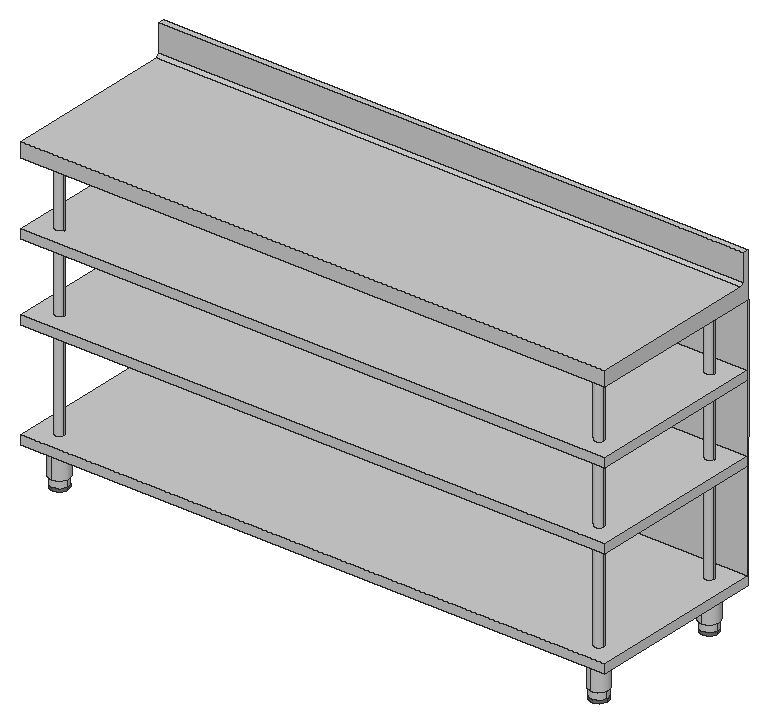
Revit family "QF_INFRICO_ME602000_250818014511", category Specialty Equipment, Revit 2021
Family settings
  Round Connector Dimension = Use Diameter
  Part Type = Normal
  OmniClass Number = 23.40.40.14
  OmniClass Title = Food Service Equipment
  Work Plane-Based = No
  Always vertical = Yes
  Cut with Voids When Loaded = No
  Shared = No
  Room Calculation Point = No
Parameters (values of type "ME602000")
  Weight [instance] = 98.00 kg
  Warranty Start Date [instance] = ""
  Warranty Duration [instance] = ""
  URL Recommended Spares List [instance] = ""
  URL Manufacturer [instance] = ""
  URL Cutsheet [instance] = ""
  URL Critical Spares List [instance] = ""
  URL = "www.infrico.com"
  Technical Documentation [instance] = ""
  Tag Number [instance] = ""
  Status [instance] = ""
  Specification by User [instance] = ""
  Specification by Manufacturer [instance] = ""
  Sound Level [instance] = ""
  Show Logo [instance] = yes
  Show Clearances [instance] = yes
  Service Life Duration [instance] = ""
  Serial Number [instance] = ""
  Seismic Rating [instance] = ""
  SMACNA No [instance] = ""
  Revision Code [instance] = ""
  Revision [instance] = ""
  Production Year [instance] = ""
  Point Load [instance] = 0
  Other Equipment Approvals [instance] = ""
  NAFEM Spec ID Number [instance] = ""
  Model Warning [instance] = ""
  Model = "ME602000"
  Masterspec [instance] = ""
  Manufacturer = "INFRICO"
  Length Actual [instance] = 1960 mm
  Item Number [instance] = ""
  Installed By [instance] = ""
  Installation Date [instance] = ""
  Identify Quantity as Lot [instance] = no
  ID [instance] = ""
  Hygiene Approval [instance] = ""
  Height Actual [instance] = 1050 mm
  Furnished By [instance] = ""
  Foodservice Equipment Identifier [instance] = no
  ETL Approved [instance] = no
  Description = "SHELF UNIT AND WORKING TABLE - ME SERIES"
  Depth Actual [instance] = 600 mm
  Default Elevation = 0 mm
  Cost = 0
  CSI MasterFormat [instance] = ""
  CE Approved [instance] = no
  Barcode [instance] = 0
  Author [instance] = ""
  Asset Identifier [instance] = ""
  Accessory [instance] = no
Reference planes
  plane 1 "Center (Front/Back)": y = 0
  plane 2: z = 0
  plane 3 "Center (Left/Right)": x = 0
Dimensions and locks
  aligned and locked: level to plane 2
Nested families
  nested 1: "QF_INFRICO_ME602000_2920" at (0, 0, 0), type "ME602000"
    with Weight 98.00 kg, Warranty Start Date "", Warranty Duration "", URL Cutsheet "", Technical Documentation "", Tag Number "", Status "", Specification by User "", Specification by Manufacturer "", Sound Level "", Solid Fuel Type "", Show Logo yes, Show Clearances yes, Show Clearance yes, Service Life Duration "", Serial Number "", Seismic Rating "", SMACNA No "", Revision Code "", Revision "", Production Year "", Point Load 0, Other Equipment Approvals "", NAFEM Spec ID Number "", Model Warning "", Masterspec "", Length Actual 1960 mm, Item Number "", Installed By "", Installation Date "", Identify Quantity as Lot yes, ID "", Hygiene Approval "", Height Actual 1050 mm, Furnished By "", Foodservice Equipment Identifier yes, ETL Approved yes, Depth Actual 600 mm, CSI MasterFormat "", CE Approved no, Barcode "", Author "", Asset Identifier "", Accessory no
  nested 2: "QF_INFRICO_WORKTOP_BACKSPLASH_3811" at (0, 0, 990), type "BKSP20_60"
    with Weight 0.00 kg, Warranty Start Date "", Warranty Duration "", URL Cutsheet "", Technical Documentation "", Tag Number "", Status "", Specification by User "", Specification by Manufacturer "", Sound Level "", Solid Fuel Type "", Show Logo yes, Show Clearances yes, Show Clearance yes, Service Life Duration "", Serial Number "", Seismic Rating "", SMACNA No "", Revision Code "", Revision "", Production Year "", Point Load 0, Other Equipment Approvals "", NAFEM Spec ID Number "", Model Warning "", Masterspec "", Length Actual 1960 mm, Item Number "", Installed By "", Installation Date "", Identify Quantity as Lot yes, ID "", Hygiene Approval "", Height Actual 150 mm, Furnished By "", Foodservice Equipment Identifier yes, ETL Approved yes, Depth Actual 600 mm, CSI MasterFormat "", CE Approved no, Barcode "", Author "", Asset Identifier "", Accessory yes
Definition of nested family "QF_INFRICO_ME602000_2920"
  Parameters (values of type "ME602000")
    Weight [instance] = 0.00 kg
    Warranty Start Date [instance] = ""
    Warranty Duration [instance] = ""
    URL Cutsheet [instance] = ""
    URL = "www.infrico.com"
    Technical Documentation [instance] = ""
    Tag Number [instance] = ""
    Status [instance] = ""
    Specification by User [instance] = ""
    Specification by Manufacturer [instance] = ""
    Sound Level [instance] = ""
    Solid Fuel Type [instance] = ""
    Show Logo [instance] = yes
    Show Clearances [instance] = yes
    Show Clearance [instance] = yes
    Service Life Duration [instance] = ""
    Serial Number [instance] = ""
    Seismic Rating [instance] = ""
    SMACNA No [instance] = ""
    Revision Code [instance] = ""
    Revision [instance] = ""
    Production Year [instance] = ""
    Point Load [instance] = 0
    Other Equipment Approvals [instance] = ""
    NAFEM Spec ID Number [instance] = ""
    Model Warning [instance] = ""
    Model = "ME602000"
    Masterspec [instance] = ""
    Manufacturer = "INFRICO"
    Length Actual [instance] = 0 mm
    Item Number [instance] = ""
    Installed By [instance] = ""
    Installation Date [instance] = ""
    Identify Quantity as Lot [instance] = yes
    ID [instance] = ""
    Hygiene Approval [instance] = ""
    Height Actual [instance] = 0 mm
    Furnished By [instance] = ""
    Foodservice Equipment Identifier [instance] = yes
    ETL Approved [instance] = yes
    Description = "SHELF UNIT AND WORKING TABLE - ME SERIES"
    Depth Actual [instance] = 0 mm
    Default Elevation = 0 mm
    CSI MasterFormat [instance] = ""
    CE Approved [instance] = yes
    Barcode [instance] = ""
    Author [instance] = ""
    Asset Identifier [instance] = ""
    Assembly Code = "E1090320"
    Accessory [instance] = yes
  Reference planes
    plane 1 "Back": y = 0
    plane 2: z = 0
    plane 3 "Left": x = 0
    plane 4 "Right": x = 1960
    plane 5 "Front": y = -600
    plane 6 "Top": z = 990
  Forms (mm)
    Extrusion 1, solid
      sketch origin (-1970.077, 409.342, 162.208) x (1, 0, 0) y (0, 1, 0)
        loop
          circle (2046.064, -477.342) r 15
      from -2.208 to 827.792
    Extrusion 2, solid
      sketch origin (-2000, 0, 130) x (0, 1, 0) y (0, 0, 1)
        loop
          line (0, 0) -> (0, 30) -> (-600, 30) -> (-600, 0) -> (0, 0)
      from 2000 to 3960
    Extrusion 3, solid
      sketch origin (-162.064, 409.342, 162.208) x (1, 0, 0) y (0, 1, 0)
        loop
          circle (2046.064, -477.342) r 15
      from -2.208 to 827.792
    Extrusion 4, solid
      sketch origin (-1970.077, -53.658, 162.208) x (1, 0, 0) y (0, 1, 0)
        loop
          circle (2046.064, -477.342) r 15
      from -2.208 to 827.792
    Extrusion 5, solid
      sketch origin (-162.064, -53.658, 162.208) x (1, 0, 0) y (0, 1, 0)
        loop
          circle (2046.064, -477.342) r 15
      from -2.208 to 827.792
    Extrusion 6, solid
      sketch origin (1144.499, 0, 130) x (0, 1, 0) y (0, 0, 1)
        loop
          line (0, 30) -> (0, 860) -> (-2, 860) -> (-2, 30) -> (0, 30)
      from -1144.499 to 815.501
    Extrusion 7, solid
      sketch origin (-123.986, 49, 130) x (0, 1, 0) y (-1, 0, 0)
        loop
          line (-530, -154.986) -> (-630, -154.986) -> (-630, -244.986) -> (-530, -244.986) -> (-530, -154.986)
      from 0 to -3
    Extrusion 8, solid
      sketch origin (-123.986, 49, 0) x (1, 0, 0) y (0, 1, 0)
        loop
          circle (199.986, -580) r 28
      from 9 to 35
    Extrusion 9, solid
      sketch origin (-123.986, 49, 0) x (1, 0, 0) y (0, 1, 0)
        loop
          circle (199.986, -580) r 28.5
      from 0 to 9
    Sweep 10, solid
      path origin (-123.986, 49, 0) x (0, 1, 0) y (0, 0, 1)
        loop
          line (-580, 35) -> (-580, 127)
      profile origin (-123.986, -531, 81) x (0, -1, 0) y (1, 0, 0)
        loop
          circle (0, 199.986) r 32
    Extrusion 11, solid
      sketch origin (-123.986, 512, 130) x (0, 1, 0) y (-1, 0, 0)
        loop
          line (-530, -154.986) -> (-630, -154.986) -> (-630, -244.986) -> (-530, -244.986) -> (-530, -154.986)
      from 0 to -3
    Extrusion 12, solid
      sketch origin (-123.986, 512, 0) x (1, 0, 0) y (0, 1, 0)
        loop
          circle (199.986, -580) r 28
      from 9 to 35
    Extrusion 13, solid
      sketch origin (-123.986, 512, 0) x (1, 0, 0) y (0, 1, 0)
        loop
          circle (199.986, -580) r 28.5
      from 0 to 9
    Sweep 14, solid
      path origin (-123.986, 512, 0) x (0, 1, 0) y (0, 0, 1)
        loop
          line (-580, 35) -> (-580, 127)
      profile origin (-123.986, -68, 81) x (0, -1, 0) y (1, 0, 0)
        loop
          circle (0, 199.986) r 32
    Extrusion 15, solid
      sketch origin (1644.027, 49, 130) x (0, 1, 0) y (-1, 0, 0)
        loop
          line (-530, -194.986) -> (-630, -194.986) -> (-630, -284.986) -> (-530, -284.986) -> (-530, -194.986)
      from 0 to -3
    Extrusion 16, solid
      sketch origin (1644.027, 49, 0) x (1, 0, 0) y (0, 1, 0)
        loop
          circle (239.986, -580) r 28
      from 9 to 35
    Extrusion 17, solid
      sketch origin (1644.027, 49, 0) x (1, 0, 0) y (0, 1, 0)
        loop
          circle (239.986, -580) r 28.5
      from 0 to 9
    Sweep 18, solid
      path origin (2084.027, 49, 0) x (0, -1, 0) y (0, 0, 1)
        loop
          line (580, 35) -> (580, 127)
      profile origin (2084.027, -531, 81) x (0, 1, 0) y (-1, 0, 0)
        loop
          circle (0, 199.986) r 32
    Extrusion 19, solid
      sketch origin (1644.027, 512, 130) x (0, 1, 0) y (-1, 0, 0)
        loop
          line (-530, -194.986) -> (-630, -194.986) -> (-630, -284.986) -> (-530, -284.986) -> (-530, -194.986)
      from 0 to -3
    Extrusion 20, solid
      sketch origin (1644.027, 512, 0) x (1, 0, 0) y (0, 1, 0)
        loop
          circle (239.986, -580) r 28
      from 9 to 35
    Extrusion 21, solid
      sketch origin (1644.027, 512, 0) x (1, 0, 0) y (0, 1, 0)
        loop
          circle (239.986, -580) r 28.5
      from 0 to 9
    Sweep 22, solid
      path origin (2084.027, 12, 0) x (0, -1, 0) y (0, 0, 1)
        loop
          line (80, 35) -> (80, 127)
      profile origin (2084.027, -68, 81) x (0, 1, 0) y (-1, 0, 0)
        loop
          circle (0, 199.986) r 32
    Extrusion 23, solid
      sketch origin (-2000, 0, 490) x (0, 1, 0) y (0, 0, 1)
        loop
          line (0, 0) -> (0, 30) -> (-600, 30) -> (-600, 0) -> (0, 0)
      from 2000 to 3960
    Extrusion 24, solid
      sketch origin (-2000, 0, 748) x (0, 1, 0) y (0, 0, 1)
        loop
          line (0, 0) -> (0, 30) -> (-600, 30) -> (-600, 0) -> (0, 0)
      from 2000 to 3960
  Lines and regions (mm)
    symbolic lines
      curve 1: line (0, 0, 0) -> (0, -600, 0)
      curve 2: line (0, -600, 0) -> (1960, -600, 0)
      curve 3: line (1960, -600, 0) -> (1960, 0, 0)
      curve 4: line (1960, 0, 0) -> (0, 0, 0)
  Dimensions and locks
    plane 3 "Left" to plane 4 "Right" = 1960 mm
    plane 1 "Back" to plane 5 "Front" = 600 mm  (x2)
    plane 4 "Right" to plane 3 "Left" = 1960 mm
    plane 6 "Top" to level = 990 mm  (x2)
    aligned and locked: level to plane 2
Definition of nested family "QF_INFRICO_WORKTOP_BACKSPLASH_3811"
  Parameters (values of type "ENC12CPMC10")
    Weight [instance] = 0.00 kg
    Warranty Start Date [instance] = ""
    Warranty Duration [instance] = ""
    URL Cutsheet [instance] = ""
    URL = "www.infrico.com"
    Technical Documentation [instance] = ""
    Tag Number [instance] = ""
    Status [instance] = ""
    Specification by User [instance] = ""
    Specification by Manufacturer [instance] = ""
    Sound Level [instance] = ""
    Solid Fuel Type [instance] = ""
    Show Logo [instance] = yes
    Show Clearances [instance] = yes
    Show Clearance [instance] = yes
    Service Life Duration [instance] = ""
    Serial Number [instance] = ""
    Seismic Rating [instance] = ""
    SMACNA No [instance] = ""
    Revision Code [instance] = ""
    Revision [instance] = ""
    Production Year [instance] = ""
    Point Load [instance] = 0
    Other Equipment Approvals [instance] = ""
    NAFEM Spec ID Number [instance] = ""
    Model Warning [instance] = ""
    Model = "ENC12CPGN19"
    Masterspec [instance] = ""
    Manufacturer = "INFRICO"
    Length Actual [instance] = 0 mm
    Length = 1000 mm
    Item Number [instance] = ""
    Installed By [instance] = ""
    Installation Date [instance] = ""
    Identify Quantity as Lot [instance] = yes
    ID [instance] = ""
    Hygiene Approval [instance] = ""
    Height Actual [instance] = 0 mm
    Furnished By [instance] = ""
    Foodservice Equipment Identifier [instance] = yes
    ETL Approved [instance] = yes
    Description = "WORKTOP WITH BACKSPLASH"
    Depth Actual [instance] = 0 mm
    Depth = 600 mm
    Default Elevation = 0 mm
    CSI MasterFormat [instance] = ""
    CE Approved [instance] = yes
    Barcode [instance] = ""
    Author [instance] = ""
    Asset Identifier [instance] = ""
    Assembly Code = "E1090320"
    Accessory [instance] = yes
  Types (30, lengths in mm): name | Model | Length | Description | Depth
    ENC12CPGN19 | "ENC12CPGN19" | 1960 | "WORKTOP WITH BACKSPLASH" | 700
    ENC12CPGN14 | "ENC12CPGN14" | 1468 | "WORKTOP WITH BACKSPLASH" | 700
    ENC12CPGN24 | "ENC12CPGN24" | 2452 | "WORKTOP WITH BACKSPLASH" | 700
    ENC12CPGN14R | "ENC12CPGN14R" | 1160 | "WORKTOP WITH BACKSPLASH" | 700
    ENC12CPGN19R | "ENC12CPGN19R" | 1652 | "WORKTOP WITH BACKSPLASH" | 700
    ENC12CPGN24R | "ENC12CPGN24R" | 2144 | "WORKTOP WITH BACKSPLASH" | 700
    ENC12CPBM20 | "ENC12CPBM20" | 1960 | "WORKTOP WITH BACKSPLASH" | 600
    ENC12CPBM15 | "ENC12CPBM15" | 1468 | "WORKTOP WITH BACKSPLASH" | 600
    ENC12CPBM25 | "ENC12CPBM25" | 2452 | "WORKTOP WITH BACKSPLASH" | 600
    ENC12CPBM15R | "ENC12CPBM15R" | 1160 | "WORKTOP WITH BACKSPLASH" | 600
    ENC12CPBM20R | "ENC12CPBM20R" | 1652 | "WORKTOP WITH BACKSPLASH" | 600
    ENC12CPBM25R | "ENC12CPBM25R" | 2144 | "WORKTOP WITH BACKSPLASH" | 600
    ENC12CPME10 | "ENC12CPME10" | 978 | "WORKTOP WITH BACKSPLASH" | 700
    ENC12CPME14 | "ENC12CPME14" | 1460 | "WORKTOP WITH BACKSPLASH" | 700
    ENC12CPMC8 | "ENC12CPGN19" | 820 | "WORKTOP WITH BACKSPLASH" | 600
    ENC12CPMC10 | "ENC12CPGN19" | 1000 | "WORKTOP WITH BACKSPLASH" | 600
    ENC12CPMC15 | "ENC12CPGN19" | 1468 | "WORKTOP WITH BACKSPLASH" | 600
    BKSP10_30 | "BKSP10_30" | 1000 | "WORKTOP WITH BACKSPLASH 1000_300" | 300
    BKSP15_60 | "BKSP15_60" | 1468 | "WORKTOP WITH BACKSPLASH 1500_600" | 600
    BKSP15_30 | "BKSP15_30" | 1468 | "WORKTOP WITH BACKSPLASH 1500_300" | 300
    BKSP20_30 | "BKSP20_30" | 1960 | "WORKTOP WITH BACKSPLASH 2000_300" | 300
    BKSP20_60 | "BKSP20_60" | 1960 | "WORKTOP WITH BACKSPLASH 2000_600" | 600
    BKSP10_60 | "BKSP10_60" | 1000 | "WORKTOP WITH BACKSPLASH 1000_600" | 600
    BKSP10_70_MT | "BKSP10_70_MT" | 1000 | "WORKTOP WITH BACKSPLASH 1000_700" | 700
    BKSP15_60_MT | "BKSP15_60_MT" | 1500 | "WORKTOP WITH BACKSPLASH 1500_600" | 600
    BKSP15_70_MT | "BKSP15_70_MT" | 1500 | "WORKTOP WITH BACKSPLASH 1500_700" | 700
    BKSP20_60_MT | "BKSP20_60_MT" | 2000 | "WORKTOP WITH BACKSPLASH 2000_600" | 600
    BKSP20_70_MT | "BKSP20_70_MT" | 2000 | "WORKTOP WITH BACKSPLASH 2000_700" | 700
    BKSP25_30 | "BKSP25_30" | 2452 | "WORKTOP WITH BACKSPLASH 2500_300" | 300
    BKSP25_60 | "BKSP25_60" | 2452 | "WORKTOP WITH BACKSPLASH 2500_600" | 600
  Reference planes
    plane 1 "Back": y = 0
    plane 2: z = 0
    plane 3 "Left": x = 0
    plane 4 "Right": x = 1000
    plane 5 "Front": y = -600
    plane 6 "Top": z = 150.03
  Forms (mm)
    Extrusion 1, solid
      sketch origin (0, 0, -660) x (0, 1, 0) y (0, 0, 1)
        loop
          line (0, 660) -> (0, 810.03) -> (-20, 810.03) -> (-20, 720.071) -> (-30.071, 710) -> (-600, 710) -> (-600, 660) -> (0, 660)
      from 0 to 1000
  Lines and regions (mm)
    symbolic lines
      curve 1: line (0, -600, 0) -> (1000, -600, 0)
      curve 2: line (0, 0, 0) -> (0, -600, 0)
      curve 3: line (1000, -600, 0) -> (1000, 0, 0)
      curve 4: line (1000, 0, 0) -> (0, 0, 0)
      curve 5: line (0, -20, 0) -> (1000, -20, 0)
  Dimensions and locks
    plane 6 "Top" to level = 150.03 mm
    plane 4 "Right" to plane 3 "Left" = 1000 mm
    "Length": plane 3 "Left" to plane 4 "Right"
    "Depth": plane 5 "Front" to plane 1 "Back"
    aligned and locked: level to plane 2
    aligned and locked: Extrusion 1 to plane 4 "Right"
  Automatic sketch dimensions
    curve 1 to plane 3 "Left" = 0 mm
    plane 1 "Back" to curve 4 = 0 mm
    curve 4 to plane 4 "Right" = 0 mm
    curve 1 to plane 5 "Front" = 0 mm
    plane 1 "Back" to curve 5 = 20 mm
    Extrusion 1 sketch curve to level = 0 mm
    Extrusion 1 sketch curve to plane 5 "Front" = 0 mm
    Extrusion 1 sketch curve to plane 6 "Top" = 0 mm
    Extrusion 1 sketch curve to plane 1 "Back" = 0 mm
    plane 1 "Back" to Extrusion 1 sketch curve = 30.071 mm
    Extrusion 1 sketch curve to Extrusion 1 sketch curve = 10.071 mm  (x2)
    level to Extrusion 1 sketch curve = 50 mm
